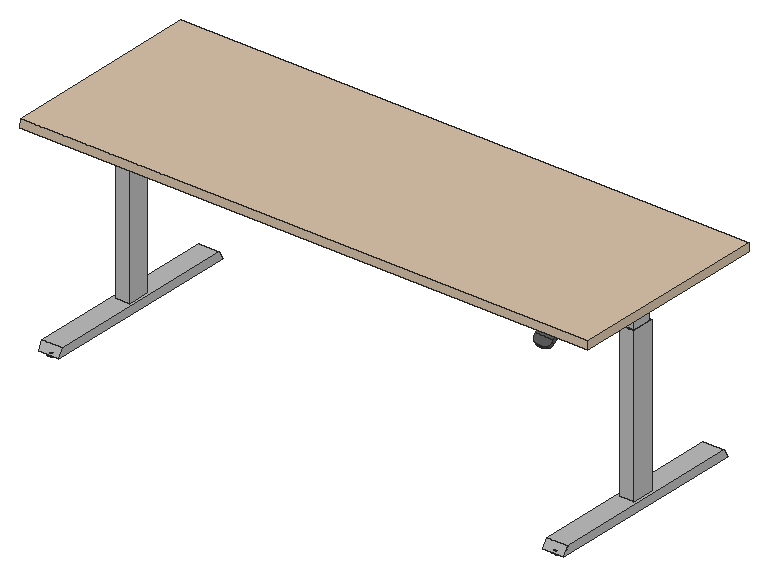
Revit family "Haworth_Upside_HeightAdjustTable_Rectangle_SingleStage", category Furniture Systems, Revit 2018
Family settings
  Round Connector Dimension = Use Diameter
  Part Type = Normal
  OmniClass Number = 23.40.70.14.64.21
  OmniClass Title = Systems Furniture
  Work Plane-Based = No
  Always vertical = Yes
  Cut with Voids When Loaded = No
  Shared = No
  Room Calculation Point = No
Parameters (values of type "82w 29d - T-Leg")
  Width = 82"
  Warranty = "http://www.haworth.com/resources/product-info/warranties"
  URL - Product = "http://www.haworth.com/na/en/products/height-adjustable/upside.html"
  Table Finish [instance] = Haworth _ Laminate _ Maple H-AE
  Table Edge Finish [instance] = Haworth _ Laminate _ Maple H-AE
  T-Leg = yes
  Paddle Offset = Leg Height - 27 13/16"  # 0"
  Paddle Finish = Haworth _ Paint _ Black
  Model = "TJRA"  # constant formula
  Min. Height = 27 51/128"  # constant formula
  Max. Height = 46 77/128"  # constant formula
  Leg Offset = 3 1/32"  # constant formula
  Rail Location = if(and([T-Leg], [29in. Depth]), 14 3/8", if(and([T-Leg], [23in. Depth]), 11 5/16", if(and([C-Leg], [29in. Depth]), 20 1/32", 15 13/16")))  # 14 3/8"
  Leg Finish [instance] = Haworth _ Paint _ Metallic Champagne
  Height = 29"
  Front Leg Offset = if([T-Leg], 1/2", 0")  # 1/2"
  Description = "Haworth - Upside HAT Rectangular - Standard Range"  # constant formula
  URL = "http://www.haworth.com"
  Table Thickness = 1 3/16"  # constant formula
  Size = "Verify Final Dim. w/ Haworth"  # constant formula
  Revision Number = "1"  # constant formula
  Min/Max Width = "46-82 in. @ 6 in. increments"  # constant formula
  Standard Depths = "23, 29 in."  # constant formula
  Min. Width = 46"  # constant formula
  Max. Width = 82"  # constant formula
  Min. Depth = 23"  # constant formula
  Max. Depth = 29"  # constant formula
  Manufacturer = "Haworth"  # constant formula
  Leg Height = Actual Height - Table Thickness  # 27 13/16"
  Custom Size = not(or(Width = 46", Width = 52", Width = 58", Width = 64", Width = 70", Width = 76", Width = 82"))  # no
  C-Leg = not([T-Leg])  # no
  Author = "Haworth (Alias)"  # constant formula
  Assembly Code = "E2020200"
  Actual Width = if(Width < Min. Width, Min. Width, if(Width > Max. Width, Max. Width, Width))  # 82"
  Actual Height = if(Height > Max. Height, Max. Height, if(Height < Min. Height, Min. Height, Height))  # 29"
  Actual Depth = if([23in. Depth], 23", 29")  # 29"
  29in. Depth = not([23in. Depth])  # yes
  23in. Depth = no
Types (7): name | Width | T-Leg | Rail Location | Front Leg Offset | C-Leg | Actual Width | Actual Depth | 29in. Depth | 23in. Depth
  82w 29d - T-Leg | 82" | yes | 14 3/8" | 1/2" | no | 82" | 29" | yes | no
  76w 29d - C-Leg | 76" | no | 20 1/32" | 0" | yes | 76" | 29" | yes | no
  70w 29d - T-Leg | 70" | yes | 14 3/8" | 1/2" | no | 70" | 29" | yes | no
  64w 29d - C-Leg | 64" | no | 20 1/32" | 0" | yes | 64" | 29" | yes | no
  58w 23d - T-Leg | 58" | yes | 11 5/16" | 1/2" | no | 58" | 23" | no | yes
  52w 23d - C-Leg | 52" | no | 15 13/16" | 0" | yes | 52" | 23" | no | yes
  46w 23d - T-Leg | 46" | yes | 11 5/16" | 1/2" | no | 46" | 23" | no | yes
Reference planes (in)
  plane 1 "Center F/B": y = 0
  plane 2: z = 0
  plane 3 "Center L/R": x = -1.75
  plane 4 "Table Edge Left": x = -42.75
  plane 5 "Table Edge Right": x = 39.25
  plane 6 "Table Edge Front": y = 14.5
  plane 7 "Table Edge Back": y = -14.5
  plane 8 "Top": z = 29
  plane 9 "Top Bottom": z = 27.8125
  plane 10 "Left Leg": x = -39.71875
  plane 11 "Right Leg": x = 36.21875
  plane 12: y = -0.125
  plane 13 "Front Leg": y = -15
Forms (in)
  Extrusion 1, solid, material "Haworth _ Laminate _ Maple H-AE" <- "Table Finish"
    sketch origin (0, 0, 29) x (-1, 0, 0) y (0, -1, 0)
      loop
        line (42.75, -14.5) -> (42.75, 14.5) -> (-39.25, 14.5) -> (-39.25, -14.5) -> (42.75, -14.5)
    from -1.1875 to 0
  Sweep 2, solid, material "Haworth _ Paint _ Metallic Champagne" <- "Leg Finish"
    path origin (0, 0, 27.8125) x (-1, 0, 0) y (0, -1, 0)
      loop
        line (39.71875, 0.125) -> (-36.21875, 0.125)
    profile origin (-1.75, -0.125, 27.8125) x (0, 1, 0) y (0, 0, 1)
      loop
        line (-2.67708, -0.1375) -> (-2.67708, -1.4623)
        arc (-2.67708, -1.4623) -> (-2.64047, -1.55069) -> (-2.55208, -1.5873) r 0.125
        line (-2.55208, -1.5873) -> (-2.01383, -1.5873)
        arc (-2.01383, -1.5873) -> (-1.92544, -1.55069) -> (-1.88883, -1.4623) r 0.125
        line (-1.88883, -1.4623) -> (-1.88883, -0.1375)
        arc (-1.88883, -0.1375) -> (-1.92544, -0.04911) -> (-2.01383, -0.0125) r 0.125
        line (-2.01383, -0.0125) -> (-2.55208, -0.0125)
        arc (-2.55208, -0.0125) -> (-2.64047, -0.04911) -> (-2.67708, -0.1375) r 0.125
      loop
        arc (2.67708, -0.1375) -> (2.64047, -0.04911) -> (2.55208, -0.0125) r 0.125
        line (2.55208, -0.0125) -> (2.01383, -0.0125)
        arc (2.01383, -0.0125) -> (1.92544, -0.04911) -> (1.88883, -0.1375) r 0.125
        line (1.88883, -0.1375) -> (1.88883, -1.4623)
        arc (1.88883, -1.4623) -> (1.92544, -1.55069) -> (2.01383, -1.5873) r 0.125
        line (2.01383, -1.5873) -> (2.55208, -1.5873)
        arc (2.55208, -1.5873) -> (2.64047, -1.55069) -> (2.67708, -1.4623) r 0.125
        line (2.67708, -1.4623) -> (2.67708, -0.1375)
Lines and regions (in)
  Masking region 1
    outline origin (0, 0, 29) x (-1, 0, 0) y (0, -1, 0)
      loop
        line (42.75, -14.5) -> (42.75, 14.5) -> (-39.25, 14.5) -> (-39.25, -14.5) -> (42.75, -14.5)
Dimensions and locks (in)
  "Actual Width": plane 4 "Table Edge Left" to plane 5 "Table Edge Right"
  equal spacing: plane 4 "Table Edge Left", plane 3 "Center L/R", plane 5 "Table Edge Right"
  "Actual Depth": plane 6 "Table Edge Front" to plane 7 "Table Edge Back"
  equal spacing: plane 6 "Table Edge Front", plane 1 "Center F/B", plane 7 "Table Edge Back"
  "Actual Height": plane 8 "Top" to level
  "Table Thickness": plane 8 "Top" to plane 9 "Top Bottom"
  "Leg Offset": plane 4 "Table Edge Left" to plane 10 "Left Leg"
  "Leg Offset": plane 11 "Right Leg" to plane 5 "Table Edge Right"
  "Rail Location": plane 12 to plane 7 "Table Edge Back"
  "Front Leg Offset": plane 13 "Front Leg" to plane 7 "Table Edge Back"
  locked: nested 1 to plane 11 "Right Leg" at 3
  aligned and locked: Extrusion 1 sketch curve to plane 6 "Table Edge Front"
  aligned and locked: plane 7 "Table Edge Back" to Extrusion 1 sketch curve
  aligned and locked: Extrusion 1 sketch curve to plane 5 "Table Edge Right"
  aligned and locked: Extrusion 1 sketch curve to plane 4 "Table Edge Left"
  aligned and locked: Extrusion 1 to plane 9 "Top Bottom"
  aligned and locked: plane 8 "Top" to Extrusion 1
  aligned and locked: Masking region 1 sketch curve to plane 5 "Table Edge Right"
  aligned and locked: Masking region 1 sketch curve to plane 6 "Table Edge Front"
  aligned and locked: plane 7 "Table Edge Back" to Masking region 1 sketch curve
  aligned and locked: Masking region 1 sketch curve to plane 4 "Table Edge Left"
  aligned and locked: Sweep 2 sketch curve to plane 12
  aligned and locked: plane 11 "Right Leg" to Sweep 2 sketch curve
  aligned and locked: plane 10 "Left Leg" to Sweep 2 sketch curve
  aligned and locked: plane 7 "Table Edge Back" to nested 1
  aligned and locked: nested 3 to plane 2
  aligned and locked: plane 2 to nested 2
  aligned and locked: plane 11 "Right Leg" to nested 3
  aligned and locked: plane 10 "Left Leg" to nested 2
  aligned and locked: plane 13 "Front Leg" to nested 2
  aligned and locked: nested 3 to plane 13 "Front Leg"
Automatic sketch dimensions
  Sweep 2 sketch curve to plane 9 "Top Bottom" = 0.1375"  (x3)
  profile plane to Sweep 2 sketch curve = 2.67708"
  Sweep 2 sketch curve to plane 9 "Top Bottom" = 0.0125"  (x2)
  Sweep 2 sketch curve to Sweep 2 sketch curve = 1/8"  (x3)
  Sweep 2 sketch curve to Sweep 2 sketch curve = 0.53825"  (x4)
  Sweep 2 sketch curve to profile plane = 1.88883"
  Sweep 2 sketch curve to Sweep 2 sketch curve = 1.3248"  (x2)
Nested families (in)
  nested 1: "Haworth_Upside_Paddle_Part" at (33.21875, -15.91544, 0), built-in parameter 1001364 <- "Paddle Offset", type "Paddle"
  nested 2: "Haworth_Upside_StandardRange_Leg_Part" at (-38.21875, -0.125, 0), type "Leg"
    with Tube distance 0", Rod Length 7 29/32", Center Leg yes
  nested 3: "Haworth_Upside_StandardRange_Leg_Part" at (34.71875, -0.125, 0) x (-1, 0, 0) z (0, 0, 1), type "Leg"
    with Tube distance 0", Rod Length 7 29/32", Center Leg yes
Definition of nested family "Haworth_Upside_Paddle_Part"
  Parameters (values of type "Paddle")
    Warranty = "http://www.haworth.com/resources/product-info/warranties"
    URL - Product = ""
    Type Comments = ""
    Model = "Haworth Upside"  # constant formula
    Description = "Haworth - Upside - Paddle - Part"
    URL = "www.haworth.com"
    Size = "Verify Final Dim. w/ Haworth"  # constant formula
    Revision Number = "1"  # constant formula
    Manufacturer = "Haworth"  # constant formula
    Box Body Finish = none
    Author = "Haworth (Alias)"  # constant formula
    Assembly Code = "E2020200"
    Actual Width = 3"  # constant formula
  Reference planes (in)
    plane 1 "Bottom": z = 0
    plane 2 "Center L/R": x = 0
    plane 3 "Left": x = -1.5
    plane 4 "Right": x = 1.5
    plane 5 "Back": y = 4.07436
    plane 6 "Front": y = 1.41544
    plane 7: y = 2.09891
    plane 8 "Void": through (480, 1.17376, 28.04914) normal (0, 0.7071, -0.7071)
    plane 9: z = 27.8125
  Forms (in)
    Extrusion 1, solid, material <- "Box Body Finish"
      sketch origin (30, 0.35365, 0) x (0, 1, 0) y (0, 0, 1)
        loop
          line (1.25505, 27.37943) -> (3.65821, 27.37943)
          arc (3.65821, 27.37943) -> (3.7024, 27.39774) -> (3.72071, 27.44193) r 0.0625
          line (3.72071, 27.44193) -> (3.72071, 27.75)
          arc (3.72071, 27.75) -> (3.7024, 27.79419) -> (3.65821, 27.8125) r 0.0625
          line (3.65821, 27.8125) -> (1.26975, 27.8125)
          arc (1.26975, 27.8125) -> (1.03057, 27.76492) -> (0.82781, 27.62944) r 0.625
          line (0.82781, 27.62944) -> (-0.04483, 26.7568)
          arc (-0.04483, 26.7568) -> (-0.06314, 26.71261) -> (-0.04483, 26.66842) r 0.0625
          line (-0.04483, 26.66842) -> (0.17305, 26.45054)
          arc (0.17305, 26.45054) -> (0.21724, 26.43223) -> (0.26144, 26.45054) r 0.0625
          line (0.26144, 26.45054) -> (1.14456, 27.33367)
          arc (1.14456, 27.33367) -> (1.19526, 27.36754) -> (1.25505, 27.37943) r 0.15625
      from -31.5 to -28.5
    Extrusion 2, void
      sketch origin (0, -13.43769, 13.43769) x (0, 0.707107, 0.707107) y (1, 0, 0)
        loop
          arc (19.97515, -1.2974) -> (19.55992, -1.17792) -> (19.2717, -0.85602) r 0.78125
          arc (19.2717, -0.85602) -> (19.07579, 0.00012) -> (19.27194, 0.85621) r 1.9674
          arc (19.27194, 0.85621) -> (19.56016, 1.17798) -> (19.9753, 1.2974) r 0.78125
          line (19.9753, 1.2974) -> (22.97855, 1.2974) -> (22.97855, 2.25752) -> (17.97855, 2.25752) -> (17.97855, -2.25752) -> (22.97855, -2.25752) -> (22.97855, -1.2974) -> (19.97515, -1.2974)
      from 0 to 5
  Cuts and joins
    Extrusion 2 cuts Extrusion 1
  Lines and regions (in)
    Masking region 1, detail levels medium+fine
      outline origin (0, 0, 29) x (-1, 0, 0) y (0, -1, 0)
        loop
          line (1.5, -4.07436) -> (1.5, -1.41544) -> (-1.5, -1.41544) -> (-1.5, -4.07436) -> (1.5, -4.07436)
  Dimensions and locks (in)
    "Actual Width": plane 3 "Left" to plane 4 "Right"
    equal spacing: plane 3 "Left", plane 2 "Center L/R", plane 4 "Right"
    locked: plane 9 to plane 1 "Bottom" at 27.8125
    aligned and locked: plane 4 "Right" to Extrusion 1
    aligned and locked: Extrusion 1 to plane 3 "Left"
    aligned and locked: Extrusion 1 sketch curve to plane 5 "Back"
    aligned and locked: plane 6 "Front" to Masking region 1 sketch curve
    aligned and locked: Masking region 1 sketch curve to plane 5 "Back"
    aligned and locked: Masking region 1 sketch curve to plane 4 "Right"
    aligned and locked: plane 3 "Left" to Masking region 1 sketch curve
  Automatic sketch dimensions
    plane 4 "Right" to Extrusion 2 sketch curve = 0.75752"
    plane 3 "Left" to Extrusion 2 sketch curve = 0.2026"
    Extrusion 2 sketch curve to Extrusion 2 sketch curve = 1.9966"
    plane 2 "Center L/R" to Extrusion 2 sketch curve = 0.51615"
    Extrusion 2 sketch curve to Extrusion 2 sketch curve = 0.00014"
    Extrusion 2 sketch curve to plane 2 "Center L/R" = 0.00015"
    Extrusion 2 sketch curve to Extrusion 2 sketch curve = 1.06789"
    Extrusion 2 sketch curve to Extrusion 2 sketch curve = 1.93537"  (x2)
    Extrusion 2 sketch curve to plane 3 "Left" = 0.75752"
    Extrusion 2 sketch curve to plane 2 "Center L/R" = 0.51615"
    Extrusion 2 sketch curve to plane 4 "Right" = 0.2026"
    Extrusion 2 sketch curve to Extrusion 2 sketch curve = 0"
    Extrusion 1 sketch curve to plane 9 = 0"
    Extrusion 1 sketch curve to Extrusion 1 sketch curve = 1/16"
    Extrusion 1 sketch curve to plane 5 "Back" = 1/16"
    plane 6 "Front" to Extrusion 1 sketch curve = 0.20796"
    Extrusion 1 sketch curve to Extrusion 1 sketch curve = 0.0147"
    plane 6 "Front" to Extrusion 1 sketch curve = 0.08277"
    Extrusion 1 sketch curve to plane 9 = 0.18306"
    Extrusion 1 sketch curve to plane 6 "Front" = 0.23398"
    Extrusion 1 sketch curve to plane 6 "Front" = 0.80036"
    Extrusion 1 sketch curve to Extrusion 1 sketch curve = 0.04419"  (x6)
    Extrusion 1 sketch curve to Extrusion 1 sketch curve = 0.21788"  (x2)
    Extrusion 1 sketch curve to plane 9 = 1.0557"
    Extrusion 1 sketch curve to Extrusion 1 sketch curve = 0.03568"
    Extrusion 1 sketch curve to Extrusion 1 sketch curve = 0.11049"
Definition of nested family "Haworth_Upside_StandardRange_Leg_Part"
  Parameters (values of type "Leg")
    Warranty = "http://haworth.com/product-info/warranties"
    URL - Product = "http://www.haworth.com/na/en/products/height-adjustable/upside.html"
    URL = "http://www.haworth.com/"
    Tube distance = if(Center Leg, 0", if([29 Depth], 5 5/32", 4"))  # 5 5/32"
    Top Support Front = if([29 Depth], 14 1/8", 8 1/8")  # 14 1/8"
    Rod Length = if(Center Leg, 7 29/32", 10")  # 10"
    Note = "Verify Final Dim. w/ Haworth"  # constant formula
    Model = "Haworth Upside"  # constant formula
    Manufacturer = "Haworth"  # constant formula
    Glide Finish = none
    Description = "Haworth - Upside - Standard Range Leg Part"
    Center Leg = no
    Leg Length Middle = if([29 Depth], 9 1/8", 7 1/8")  # 9 1/8"
    Leg Length Front = if([29 Depth], 14 7/8", 11 13/16")  # 14 7/8"
    Leg Length Back = if([29 Depth], 14 5/8", 11 5/8")  # 14 5/8"
    Leg Height = 27 13/16"
    Leg Finish = none
    Author = "Haworth (Alias)"  # constant formula
    Assembly Code = ""
    Actual Width = 3"  # constant formula
    Actual Depth = if([29 Depth], 27 7/16", 21 7/16")  # 27 7/16"
    29 Depth = not([23 Depth])  # yes
    23 Depth = no
  Reference planes (in)
    plane 1 "Center (Front/Back)": y = 0
    plane 2 "Base": z = 0
    plane 3 "Center (Left/Right)": x = 0
    plane 4 "Bottom of Top": z = 27.8125
    plane 5 "Top of Base": z = 1.37863
    plane 6 "Base Bottom": z = 0.2369
    plane 7 "Glide Back": y = 13.375
    plane 8 "Glide Front": y = -13.625
    plane 9 "bot leg": x = 1.375
    plane 10: x = -1.375
    plane 11: x = -1.5
    plane 12: x = 1.5
    plane 13 "Back": y = 14.625
    plane 14 "Front": y = -14.875
    plane 15: y = 6.5625
    plane 16: y = 6.75
    plane 17: y = 3.75
    plane 18: y = 3.5625
    plane 19 "Glide Top": z = 0.47244
    plane 20 "Center tube": y = 5.15625
    plane 21 "2nd Stage Top": z = 25.79224
    plane 22 "1st Stage Top": z = 23.5
    plane 23: y = -4.875
    plane 24: y = 8.84375
  Forms (in)
    Extrusion 1, solid, material <- "Glide Finish"
      sketch origin (0, 0, 0) x (1, 0, 0) y (0, 1, 0)
        loop
          circle (0, 13.375) r 1.125
        loop
          circle (0, -13.625) r 1.125
      from 0 to 0.47244
    Extrusion 2, solid, material <- "Leg Finish"
      sketch origin (0.5561, 0.17985, 0) x (1, 0, 0) y (0, 1, 0)
        loop
          line (-1.34438, 6.38265) -> (-1.34438, 3.57015) -> (0.23296, 3.57015) -> (0.23296, 6.38265) -> (-1.34438, 6.38265)
      from 22.25121 to 25.79224
    Extrusion 3, solid, material <- "Leg Finish"
      sketch origin (0, -5.26109, 0) x (1, 0, 0) y (0, 1, 0)
        loop
          line (-1, 12.01109) -> (-1, 8.82359) -> (1, 8.82359) -> (1, 12.01109) -> (-1, 12.01109)
      from 1.37863 to 23.5
    Extrusion 4, solid, material <- "Leg Finish"
      sketch origin (0, 0, 0) x (1, 0, 0) y (0, 0, 1)
        loop
          line (-1.75847, 27.8125) -> (-1.75847, 25.79224) -> (-1.5, 25.79224) -> (-1.5, 27.8125) -> (-1.75847, 27.8125)
      from -8.84375 to 4.875
    Extrusion 5, solid, material <- "Leg Finish"
      sketch origin (0, 0, 0) x (0, 1, 0) y (0, 0, 1)
        loop
          line (8.84375, 27.8125) -> (8.84375, 25.79224) -> (10.39062, 26.2358) -> (10.39062, 27.8125) -> (8.84375, 27.8125)
        loop
          line (-4.875, 25.79224) -> (-4.875, 27.8125) -> (-8.53125, 27.8125) -> (-8.53125, 26.11212) -> (-4.875, 25.79224)
      from -1.75847 to -1.5
    Sweep 6, solid, material <- "Leg Finish"
      path origin (0, 0, 0) x (1, 0, 0) y (0, 1, 0)
        loop
          line (-1.5, 0) -> (1.5, 0)
      profile origin (0, 0, 0) x (0, 1, 0) y (0, 0, 1)
        loop
          line (-14.875, 0.2369) -> (14.625, 0.2369) -> (14, 1.37863) -> (-14.25, 1.37863) -> (-14.875, 0.2369)
    Sweep 7, solid, material <- "Leg Finish"
      path origin (0, 0, 0) x (0, 1, 0) y (0, 0, 1)
        loop
          line (5.15625, 25.79224) -> (5.15625, 27.8125)
      profile origin (0, 5.15625, 26.80237) x (0, -1, 0) y (1, 0, 0)
        loop
          line (-1.392, -1.65447) -> (1.392, -1.65447)
          arc (1.392, -1.65447) -> (1.48768, -1.63544) -> (1.56878, -1.58125) r 0.25
          line (1.56878, -1.58125) -> (1.81603, -1.334)
          arc (1.81603, -1.334) -> (1.87023, -1.25289) -> (1.88926, -1.15722) r 0.25
          line (1.88926, -1.15722) -> (1.88926, 5.32859)
          arc (1.88926, 5.32859) -> (1.87023, 5.42426) -> (1.81603, 5.50536) r 0.25
          line (1.81603, 5.50536) -> (1.56878, 5.75262)
          arc (1.56878, 5.75262) -> (1.48768, 5.80681) -> (1.392, 5.82584) r 0.25
          line (1.392, 5.82584) -> (-1.392, 5.82584)
          arc (-1.392, 5.82584) -> (-1.48768, 5.80681) -> (-1.56878, 5.75262) r 0.25
          line (-1.56878, 5.75262) -> (-1.81603, 5.50536)
          arc (-1.81603, 5.50536) -> (-1.87023, 5.42426) -> (-1.88926, 5.32859) r 0.25
          line (-1.88926, 5.32859) -> (-1.88926, -1.15722)
          arc (-1.88926, -1.15722) -> (-1.87023, -1.25289) -> (-1.81603, -1.334) r 0.25
          line (-1.81603, -1.334) -> (-1.56878, -1.58125)
          arc (-1.56878, -1.58125) -> (-1.48768, -1.63544) -> (-1.392, -1.65447) r 0.25
  Cuts and joins
    joined: Extrusion 4, Extrusion 5
  Lines and regions (in)
    symbolic lines, detail levels medium+fine
      curve 1: line (-1.5, 14.625, 0) -> (1.5, 14.625, 0)
      curve 2: line (-1.5, -14.875, 0) -> (-1.5, 14.625, 0)
      curve 3: line (1.5, -14.875, 0) -> (-1.5, -14.875, 0)
      curve 4: line (1.5, 14.625, 0) -> (1.5, -14.875, 0)
      curve 5: line (-1.5, 14.625, 0) -> (1.5, 14.625, 0)
      curve 6: line (-1.5, 14.625, 0) -> (-1.5, -14.875, 0)
      curve 7: line (-1.5, -14.875, 0) -> (1.5, -14.875, 0)
      curve 8: line (1.5, -14.875, 0) -> (1.5, 14.625, 0)
      curve 9: line (-1.5, 6.75, 0) -> (1.5, 6.75, 0)
      curve 10: line (1.5, 3.5625, 0) -> (-1.5, 3.5625, 0)
  Dimensions and locks (in)
    "Leg Height": plane 4 "Bottom of Top" to level
    locked: plane 10 to plane 9 "bot leg" at 2.75
    "Actual Width": plane 11 to plane 12
    equal spacing: plane 11, plane 3 "Center (Left/Right)", plane 12
    equal spacing: plane 10, plane 3 "Center (Left/Right)", plane 9 "bot leg"
    "Leg Length Front": plane 14 "Front" to plane 1 "Center (Front/Back)"
    "Leg Length Back": plane 1 "Center (Front/Back)" to plane 13 "Back"
    locked: plane 13 "Back" to plane 7 "Glide Back" at 1.25
    locked: plane 8 "Glide Front" to plane 14 "Front" at 1.25
    locked: plane 17 to plane 18 at 0.1875
    locked: plane 15 to plane 16 at 0.1875
    locked: Sweep 6 sketch curve to plane 13 "Back" at 0.625
    locked: plane 14 "Front" to Sweep 6 sketch curve at 0.625
    plane 21 "2nd Stage Top" to plane 22 "1st Stage Top" = 2.29224"
    "Rod Length": plane 14 "Front" to plane 23
    locked: plane 24 to plane 13 "Back" at 5.78125
    locked: plane 24 to Extrusion 5 sketch curve at 1.54688
    locked: Extrusion 5 sketch curve to plane 21 "2nd Stage Top" at 0.44356
    locked: plane 4 "Bottom of Top" to plane 21 "2nd Stage Top" at 2.02026
    "Tube distance": plane 1 "Center (Front/Back)" to plane 20 "Center tube"
    locked: Extrusion 5 sketch curve to plane 23 at 3.65625
    locked: Extrusion 5 sketch curve to plane 21 "2nd Stage Top" at 0.31988
    locked: plane 22 "1st Stage Top" to plane 2 "Base" at 23.5
    locked: Extrusion 2 to plane 22 "1st Stage Top" at 1.24879
    equal spacing: Extrusion 3 sketch curve, plane 3 "Center (Left/Right)", Extrusion 3 sketch curve
    locked: Extrusion 2 sketch curve to plane 3 "Center (Left/Right)" at 0.78828
    locked: plane 3 "Center (Left/Right)" to Extrusion 2 sketch curve at 0.78906
    locked: plane 20 "Center tube" to plane 15 at 1.40625
    locked: plane 17 to plane 20 "Center tube" at 1.40625
    aligned and locked: plane 16 to Extrusion 3 sketch curve
    aligned and locked: plane 18 to Extrusion 3 sketch curve
    aligned and locked: level to plane 2 "Base"
    aligned and locked: curve 4 to plane 12
    aligned and locked: plane 14 "Front" to curve 3
    aligned and locked: plane 11 to curve 2
    aligned and locked: plane 4 "Bottom of Top" to Extrusion 4
    aligned and locked: plane 4 "Bottom of Top" to Extrusion 5
    aligned and locked: plane 19 "Glide Top" to Extrusion 1
    aligned and locked: plane 1 "Center (Front/Back)" to Sweep 6 sketch curve
    aligned and locked: curve 4 to Sweep 6 sketch curve
    aligned and locked: plane 11 to Sweep 6 sketch curve
    aligned and locked: plane 6 "Base Bottom" to Sweep 6 sketch curve
    aligned and locked: Sweep 6 sketch curve to plane 5 "Top of Base"
    aligned and locked: plane 14 "Front" to Sweep 6 sketch curve
    aligned and locked: plane 13 "Back" to Sweep 6 sketch curve
    aligned and locked: plane 22 "1st Stage Top" to Extrusion 3
    aligned and locked: plane 5 "Top of Base" to Extrusion 3
    aligned and locked: Sweep 7 sketch curve to plane 20 "Center tube"
    aligned and locked: plane 21 "2nd Stage Top" to Sweep 7 sketch curve
    aligned and locked: plane 4 "Bottom of Top" to Sweep 7 sketch curve
    aligned and locked: Extrusion 4 sketch curve to plane 11
    aligned and locked: Extrusion 4 sketch curve to plane 4 "Bottom of Top"
    aligned and locked: plane 21 "2nd Stage Top" to Extrusion 4 sketch curve
    aligned and locked: plane 23 to Extrusion 4
    aligned and locked: Extrusion 4 to plane 24
    aligned and locked: plane 4 "Bottom of Top" to Extrusion 5 sketch curve  (x2)
    aligned and locked: plane 24 to Extrusion 5 sketch curve
    aligned and locked: plane 21 "2nd Stage Top" to Extrusion 5 sketch curve
    aligned and locked: plane 11 to Extrusion 5
    aligned and locked: Extrusion 5 to Extrusion 4
    aligned and locked: plane 18 to curve 10
    aligned and locked: plane 16 to curve 9
    aligned and locked: plane 21 "2nd Stage Top" to Extrusion 2
    aligned and locked: Extrusion 5 sketch curve to plane 23
    aligned and locked: plane 17 to Extrusion 2 sketch curve
    aligned and locked: plane 15 to Extrusion 2 sketch curve
  Automatic sketch dimensions
    Extrusion 1 sketch curve to plane 3 "Center (Left/Right)" = 0"  (x2)
    Extrusion 1 sketch curve to plane 8 "Glide Front" = 0"
    Extrusion 1 sketch curve to plane 7 "Glide Back" = 0"
    Extrusion 4 sketch curve to plane 11 = 0.25847"
    profile plane to Sweep 7 sketch curve = 1.88926"
    Sweep 7 sketch curve to Sweep 7 sketch curve = 0.07322"  (x3)
    Sweep 7 sketch curve to plane 3 "Center (Left/Right)" = 1.334"
    Sweep 7 sketch curve to Sweep 7 sketch curve = 0.17678"  (x10)
    Sweep 7 sketch curve to Sweep 7 sketch curve = 0.24725"  (x8)
    Sweep 7 sketch curve to profile plane = 1.392"  (x2)
    Sweep 7 sketch curve to plane 3 "Center (Left/Right)" = 1.40447"
    plane 3 "Center (Left/Right)" to Sweep 7 sketch curve = 5.32859"
    Sweep 7 sketch curve to Sweep 7 sketch curve = 0"
    Extrusion 5 sketch curve to plane 21 "2nd Stage Top" = 0"
    plane 10 to Extrusion 3 sketch curve = 3/8"
    curve 5 to plane 13 "Back" = 0"
    radius of Extrusion 1 sketch curve = 1 1/8"  (x2)
